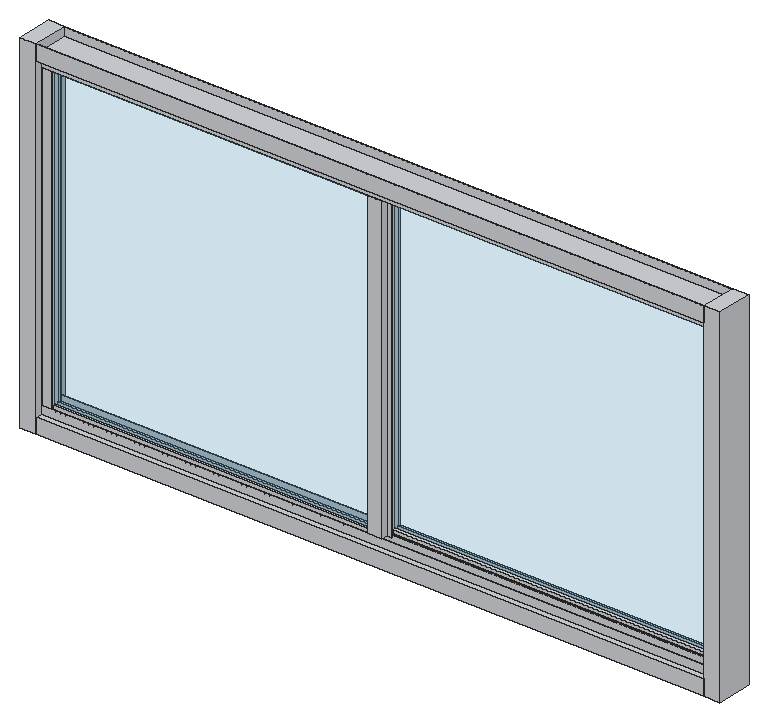
Revit family "MT-VMS_DB-SG_XX", category Windows, host Wall, Revit 2017 (continued)
Definition of nested family "VMS_DB-SG_OX_101mm"
  Definition of nested family "AS1C CAVITY MAIN FRAME"
    Lines and regions (mm)
      model lines, in view "Ref. Level"
        curve 28: arc (-44.4, -96.4, 0) -> (-44.322, -96.241, 0) -> (-44.148, -96.207, 0) r 0.2
        curve 29: arc (-42.7, -93.6, 0) -> (-41.95, -92.85, 0) -> (-41.2, -93.6, 0) r 0.75
        curve 30: arc (-41.2, -98.3, 0) -> (-40.761, -99.361, 0) -> (-39.7, -99.8, 0) r 1.5
        curve 31: arc (-3.8, -99.8, 0) -> (-2.739, -99.361, 0) -> (-2.3, -98.3, 0) r 1.5
        curve 32: arc (-2.3, -93.15, 0) -> (-2.417, -92.867, 0) -> (-2.7, -92.75, 0) r 0.4
        curve 33: arc (-6.1, -92.75, 0) -> (-6.949, -92.399, 0) -> (-7.3, -91.55, 0) r 1.2
        curve 34: arc (-7.3, -91.265, 0) -> (-6.765, -90.417, 0) -> (-5.769, -90.534, 0) r 0.94
        curve 35: arc (-5.769, -90.534, 0) -> (-5.414, -90.766, 0) -> (-5.019, -90.921, 0) r 2.1
        curve 36: arc (-5.019, -90.921, 0) -> (-4.902, -90.971, 0) -> (-4.801, -91.049, 0) r 0.5
        curve 37: arc (-4.099, -91.049, 0) -> (-3.998, -90.971, 0) -> (-3.881, -90.921, 0) r 0.5
        curve 38: arc (-3.881, -90.921, 0) -> (-3.4, -90.719, 0) -> (-2.984, -90.403, 0) r 2.1
        curve 39: arc (-2.984, -90.403, 0) -> (-2.882, -90.327, 0) -> (-2.764, -90.278, 0) r 0.5
        curve 40: arc (-2.413, -89.671, 0) -> (-2.43, -89.545, 0) -> (-2.415, -89.418, 0) r 0.5
        curve 41: arc (-2.415, -89.418, 0) -> (-2.35, -88.9, 0) -> (-2.415, -88.382, 0) r 2.1
        curve 42: arc (-2.415, -88.382, 0) -> (-2.43, -88.255, 0) -> (-2.413, -88.129, 0) r 0.5
        curve 43: arc (-2.764, -87.522, 0) -> (-2.882, -87.473, 0) -> (-2.984, -87.397, 0) r 0.5
        curve 44: arc (-2.984, -87.397, 0) -> (-3.4, -87.081, 0) -> (-3.881, -86.879, 0) r 2.1
        curve 45: arc (-3.881, -86.879, 0) -> (-3.998, -86.829, 0) -> (-4.099, -86.751, 0) r 0.5
        curve 46: arc (-4.801, -86.751, 0) -> (-4.902, -86.829, 0) -> (-5.019, -86.879, 0) r 0.5
        curve 47: arc (-5.019, -86.879, 0) -> (-5.414, -87.034, 0) -> (-5.769, -87.266, 0) r 2.1
        curve 48: arc (-5.769, -87.266, 0) -> (-6.765, -87.383, 0) -> (-7.3, -86.535, 0) r 0.94
        curve 49: arc (-7.3, -86.25, 0) -> (-6.949, -85.401, 0) -> (-6.1, -85.05, 0) r 1.2
        curve 50: arc (-2.5, -85.05, 0) -> (-2.217, -84.933, 0) -> (-2.1, -84.65, 0) r 0.4
        curve 51: arc (-2.1, -66.37, 0) -> (-2.451, -65.335, 0) -> (-3.36, -64.728, 0) r 1.7
        curve 52: arc (-19.936, -60.286, 0) -> (-20.631, -59.822, 0) -> (-20.9, -59.03, 0) r 1.3
        curve 53: arc (-20.9, -42.57, 0) -> (-20.631, -41.778, 0) -> (-19.936, -41.314, 0) r 1.3
        curve 54: arc (-3.36, -36.872, 0) -> (-2.451, -36.265, 0) -> (-2.1, -35.23, 0) r 1.7
        curve 55: arc (-2.1, -17.35, 0) -> (-2.334, -16.784, 0) -> (-2.9, -16.55, 0) r 0.8
        curve 56: arc (-6.1, -16.55, 0) -> (-6.949, -16.199, 0) -> (-7.3, -15.35, 0) r 1.2
        curve 57: arc (-7.3, -15.065, 0) -> (-6.765, -14.217, 0) -> (-5.769, -14.334, 0) r 0.94
        curve 58: arc (-5.769, -14.334, 0) -> (-5.414, -14.566, 0) -> (-5.019, -14.721, 0) r 2.1
        curve 59: arc (-5.019, -14.721, 0) -> (-4.902, -14.771, 0) -> (-4.801, -14.849, 0) r 0.5
        curve 60: arc (-4.099, -14.849, 0) -> (-3.998, -14.771, 0) -> (-3.881, -14.721, 0) r 0.5
        curve 61: arc (-3.881, -14.721, 0) -> (-3.4, -14.519, 0) -> (-2.984, -14.203, 0) r 2.1
        curve 62: arc (-2.984, -14.203, 0) -> (-2.882, -14.127, 0) -> (-2.764, -14.078, 0) r 0.5
        curve 63: arc (-2.413, -13.471, 0) -> (-2.43, -13.345, 0) -> (-2.415, -13.218, 0) r 0.5
        curve 64: arc (-2.415, -13.218, 0) -> (-2.35, -12.7, 0) -> (-2.415, -12.182, 0) r 2.1
        curve 65: arc (-2.415, -12.182, 0) -> (-2.43, -12.055, 0) -> (-2.413, -11.929, 0) r 0.5
        curve 66: line (-4.099, -10.551, 0) -> (-4.45, -10.2, 0)
        curve 67: line (-4.45, -10.2, 0) -> (-4.801, -10.551, 0)
        curve 68: line (-7.3, -10.335, 0) -> (-7.3, -10.05, 0)
        curve 69: line (-6.1, -8.85, 0) -> (-3.1, -8.85, 0)
        curve 70: line (-2.3, -8.05, 0) -> (-2.3, -3.3, 0)
        curve 71: line (-3.8, -1.8, 0) -> (-39.7, -1.8, 0)
        curve 72: line (-41.2, -3.3, 0) -> (-41.2, -8, 0)
        curve 73: line (-42.7, -8, 0) -> (-42.7, -5.005, 0)
        curve 74: line (-42.7, -5.005, 0) -> (-44.148, -5.393, 0)
        curve 75: line (-44.4, -5.2, 0) -> (-44.4, 0, 0)
        curve 76: line (-44.4, 0, 0) -> (0, 0, 0)
        curve 77: line (0, 0, 0) -> (0, -41.4, 0)
        curve 78: line (0, -41.4, 0) -> (-2.4, -41.4, 0)
        curve 79: line (-2.4, -41.4, 0) -> (-2.4, -42.975, 0)
        curve 80: line (-2.4, -42.975, 0) -> (-4.496, -43.536, 0)
        curve 81: line (-4.976, -43.013, 0) -> (-3.605, -39.246, 0)
        curve 82: line (-4.084, -38.723, 0) -> (-10.184, -40.357, 0)
        curve 83: line (-10.388, -40.75, 0) -> (-9.572, -42.992, 0)
        curve 84: line (-9.974, -43.528, 0) -> (-10.966, -43.462, 0)
        curve 85: line (-11.9, -42.464, 0) -> (-11.9, -41.208, 0)
        curve 86: line (-12.278, -40.918, 0) -> (-14.6, -41.541, 0)
        curve 87: line (-14.6, -41.541, 0) -> (-14.6, -43.704, 0)
        curve 88: line (-14.6, -43.704, 0) -> (-15.8, -44.396, 0)
        curve 89: line (-16.4, -44.05, 0) -> (-16.4, -42.023, 0)
        curve 90: line (-16.4, -42.023, 0) -> (-19.3, -42.8, 0)
        curve 91: line (-19.3, -42.8, 0) -> (-19.3, -50.043, 0)
        curve 92: line (-19.446, -50.396, 0) -> (-19.6, -50.55, 0)
        curve 93: line (-19.6, -50.55, 0) -> (-19.6, -51.05, 0)
        curve 94: line (-19.6, -51.05, 0) -> (-19.446, -51.204, 0)
        curve 95: line (-19.3, -51.557, 0) -> (-19.3, -58.8, 0)
        curve 96: line (-19.3, -58.8, 0) -> (-16.4, -59.577, 0)
        curve 97: line (-16.4, -59.577, 0) -> (-16.4, -57.55, 0)
        curve 98: line (-15.8, -57.204, 0) -> (-14.6, -57.896, 0)
        curve 99: line (-14.6, -57.896, 0) -> (-14.6, -60.059, 0)
        curve 100: line (-14.6, -60.059, 0) -> (-12.278, -60.682, 0)
        curve 101: line (-11.9, -60.392, 0) -> (-11.9, -59.136, 0)
        curve 102: line (-10.966, -58.138, 0) -> (-9.974, -58.072, 0)
        curve 103: line (-9.572, -58.608, 0) -> (-10.388, -60.85, 0)
        curve 104: line (-10.184, -61.243, 0) -> (-4.084, -62.877, 0)
        curve 105: line (-3.605, -62.354, 0) -> (-4.976, -58.587, 0)
        curve 106: line (-4.496, -58.064, 0) -> (-2.4, -58.625, 0)
        curve 107: line (-2.4, -58.625, 0) -> (-2.4, -60.2, 0)
        curve 108: line (-2.4, -60.2, 0) -> (0, -60.2, 0)
        curve 109: line (0, -60.2, 0) -> (0, -101.6, 0)
        curve 110: line (0, -101.6, 0) -> (-44.4, -101.6, 0)
        curve 111: line (-44.4, -101.6, 0) -> (-44.4, -96.4, 0)
        curve 112: line (-44.148, -96.207, 0) -> (-42.7, -96.595, 0)
        curve 113: line (-42.7, -96.595, 0) -> (-42.7, -93.6, 0)
        curve 114: line (-41.2, -93.6, 0) -> (-41.2, -98.3, 0)
        curve 115: line (-39.7, -99.8, 0) -> (-3.8, -99.8, 0)
        curve 116: line (-2.3, -98.3, 0) -> (-2.3, -93.15, 0)
        curve 117: line (-2.7, -92.75, 0) -> (-6.1, -92.75, 0)
        curve 118: line (-7.3, -91.55, 0) -> (-7.3, -91.265, 0)
        curve 119: line (-4.801, -91.049, 0) -> (-4.45, -91.4, 0)
        curve 120: line (-4.45, -91.4, 0) -> (-4.099, -91.049, 0)
        curve 121: line (-2.764, -90.278, 0) -> (-2.285, -90.15, 0)
        curve 122: line (-2.285, -90.15, 0) -> (-2.413, -89.671, 0)
        curve 123: line (-2.413, -88.129, 0) -> (-2.285, -87.65, 0)
        curve 124: line (-2.285, -87.65, 0) -> (-2.764, -87.522, 0)
        curve 125: line (-4.099, -86.751, 0) -> (-4.45, -86.4, 0)
        curve 126: line (-4.45, -86.4, 0) -> (-4.801, -86.751, 0)
        curve 127: line (-7.3, -86.535, 0) -> (-7.3, -86.25, 0)
        curve 128: line (-6.1, -85.05, 0) -> (-2.5, -85.05, 0)
        curve 129: line (-2.1, -84.65, 0) -> (-2.1, -80.4, 0)
        curve 130: line (-2.1, -80.4, 0) -> (-2.4, -80.4, 0)
        curve 131: line (-2.4, -80.4, 0) -> (-2.4, -67.3, 0)
        curve 132: line (-2.4, -67.3, 0) -> (-2.1, -67.3, 0)
        curve 133: line (-2.1, -67.3, 0) -> (-2.1, -66.37, 0)
        curve 134: line (-3.36, -64.728, 0) -> (-19.936, -60.286, 0)
        curve 135: line (-20.9, -59.03, 0) -> (-20.9, -50.8, 0)
        curve 136: line (-20.9, -50.8, 0) -> (-20.9, -42.57, 0)
        curve 137: line (-19.936, -41.314, 0) -> (-3.36, -36.872, 0)
        curve 138: line (-2.1, -35.23, 0) -> (-2.1, -34.3, 0)
        curve 139: line (-2.1, -34.3, 0) -> (-2.4, -34.3, 0)
        curve 140: line (-2.4, -34.3, 0) -> (-2.4, -21.2, 0)
        curve 141: line (-2.4, -21.2, 0) -> (-2.1, -21.2, 0)
        curve 142: line (-2.1, -21.2, 0) -> (-2.1, -17.35, 0)
        curve 143: line (-2.9, -16.55, 0) -> (-6.1, -16.55, 0)
        curve 144: line (-7.3, -15.35, 0) -> (-7.3, -15.065, 0)
        curve 145: line (-4.801, -14.849, 0) -> (-4.45, -15.2, 0)
        curve 146: line (-4.45, -15.2, 0) -> (-4.099, -14.849, 0)
        curve 147: line (-2.764, -14.078, 0) -> (-2.285, -13.95, 0)
        curve 148: line (-2.285, -13.95, 0) -> (-2.413, -13.471, 0)
        curve 149: line (-2.413, -11.929, 0) -> (-2.285, -11.45, 0)
        curve 150: line (-2.285, -11.45, 0) -> (-2.764, -11.322, 0)
        curve 151: arc (-2.764, -11.322, 0) -> (-2.882, -11.273, 0) -> (-2.984, -11.197, 0) r 0.5
  Definition of nested family "VMS_VM8_HEAD DETAIL_FINE"
    Reference planes
      plane 1 "Center (Front/Back)": y = 0
      plane 2: z = 0
      plane 3 "Center (Left/Right)": x = 0
    Lines and regions (mm)
      model lines, in view "Ref. Level"
        curve 1: arc (50, -27.1, 0) -> (49.414, -25.686, 0) -> (48, -25.1, 0) r 2
        curve 2: arc (3.8, -25.1, 0) -> (2.386, -25.686, 0) -> (1.8, -27.1, 0) r 2
        curve 3: arc (1.8, -41.8, 0) -> (2.034, -42.366, 0) -> (2.6, -42.6, 0) r 0.8
        curve 4: arc (8.71, -42.6, 0) -> (8.973, -42.444, 0) -> (8.963, -42.139, 0) r 0.3
        curve 5: arc (8.963, -42.139, 0) -> (8.438, -39.576, 0) -> (9.754, -37.315, 0) r 3.67
        curve 6: arc (9.754, -37.315, 0) -> (11.002, -37.382, 0) -> (11.067, -38.629, 0) r 0.934
        curve 7: arc (11.067, -38.629, 0) -> (10.819, -39.017, 0) -> (10.661, -39.448, 0) r 2.1
        curve 8: arc (10.661, -40.452, 0) -> (10.881, -41, 0) -> (11.246, -41.465, 0) r 2.1
        curve 9: arc (12.115, -41.967, 0) -> (12.7, -42.05, 0) -> (13.285, -41.967, 0) r 2.1
        curve 10: arc (14.154, -41.465, 0) -> (14.519, -41, 0) -> (14.739, -40.452, 0) r 2.1
        curve 11: arc (14.739, -39.448, 0) -> (14.581, -39.017, 0) -> (14.333, -38.629, 0) r 2.1
        curve 12: arc (14.333, -38.629, 0) -> (14.398, -37.382, 0) -> (15.646, -37.315, 0) r 0.934
        curve 13: arc (15.646, -37.315, 0) -> (16.962, -39.576, 0) -> (16.437, -42.139, 0) r 3.67
        curve 14: arc (16.437, -42.139, 0) -> (16.427, -42.444, 0) -> (16.69, -42.6, 0) r 0.3
        curve 15: arc (19.8, -42.6, 0) -> (20.012, -42.688, 0) -> (20.1, -42.9, 0) r 0.3
        curve 16: arc (20.1, -67.7, 0) -> (20.012, -67.912, 0) -> (19.8, -68, 0) r 0.3
        curve 17: arc (18.6, -68, 0) -> (18.388, -67.912, 0) -> (18.3, -67.7, 0) r 0.3
        curve 18: arc (0.5, -44.4, 0) -> (0.146, -44.254, 0) -> (0, -43.9, 0) r 0.5
        curve 19: arc (0, -0.5, 0) -> (0.146, -0.146, 0) -> (0.5, 0, 0) r 0.5
        curve 20: arc (5.2, 0, 0) -> (5.359, -0.078, 0) -> (5.393, -0.252, 0) r 0.2
        curve 21: arc (8, -1.7, 0) -> (8.75, -2.45, 0) -> (8, -3.2, 0) r 0.75
        curve 22: arc (2.6, -3.2, 0) -> (2.034, -3.434, 0) -> (1.8, -4, 0) r 0.8
        curve 23: arc (1.8, -23, 0) -> (1.888, -23.212, 0) -> (2.1, -23.3, 0) r 0.3
        curve 24: arc (49.241, -23.3, 0) -> (49.391, -23.26, 0) -> (49.501, -23.15, 0) r 0.3
        curve 25: arc (49.501, -23.15, 0) -> (49.761, -23, 0) -> (50.021, -23.15, 0) r 0.3
        curve 26: arc (50.021, -23.15, 0) -> (50.28, -23.3, 0) -> (50.54, -23.15, 0) r 0.3
        curve 27: arc (50.54, -23.15, 0) -> (50.8, -23, 0) -> (51.06, -23.15, 0) r 0.3
        curve 28: arc (51.06, -23.15, 0) -> (51.32, -23.3, 0) -> (51.579, -23.15, 0) r 0.3
        curve 29: arc (51.579, -23.15, 0) -> (51.839, -23, 0) -> (52.099, -23.15, 0) r 0.3
        curve 30: arc (52.099, -23.15, 0) -> (52.209, -23.26, 0) -> (52.359, -23.3, 0) r 0.3
        curve 31: arc (99.5, -23.3, 0) -> (99.712, -23.212, 0) -> (99.8, -23, 0) r 0.3
        curve 32: arc (99.8, -4, 0) -> (99.566, -3.434, 0) -> (99, -3.2, 0) r 0.8
        curve 33: arc (93.6, -3.2, 0) -> (92.85, -2.45, 0) -> (93.6, -1.7, 0) r 0.75
        curve 34: arc (96.207, -0.252, 0) -> (96.241, -0.078, 0) -> (96.4, 0, 0) r 0.2
        curve 35: arc (101.1, 0, 0) -> (101.454, -0.146, 0) -> (101.6, -0.5, 0) r 0.5
        curve 36: arc (101.6, -43.9, 0) -> (101.454, -44.254, 0) -> (101.1, -44.4, 0) r 0.5
        curve 37: arc (83.3, -67.7, 0) -> (83.212, -67.912, 0) -> (83, -68, 0) r 0.3
        curve 38: arc (81.8, -68, 0) -> (81.588, -67.912, 0) -> (81.5, -67.7, 0) r 0.3
        curve 39: arc (81.5, -42.9, 0) -> (81.588, -42.688, 0) -> (81.8, -42.6, 0) r 0.3
        curve 40: arc (84.91, -42.6, 0) -> (85.173, -42.444, 0) -> (85.163, -42.139, 0) r 0.3
        curve 41: arc (85.163, -42.139, 0) -> (84.638, -39.576, 0) -> (85.954, -37.315, 0) r 3.67
        curve 42: arc (85.954, -37.315, 0) -> (87.202, -37.382, 0) -> (87.267, -38.629, 0) r 0.934
        curve 43: arc (87.267, -38.629, 0) -> (87.019, -39.017, 0) -> (86.861, -39.448, 0) r 2.1
        curve 44: arc (86.861, -40.452, 0) -> (87.081, -41, 0) -> (87.446, -41.465, 0) r 2.1
        curve 45: arc (88.315, -41.967, 0) -> (88.9, -42.05, 0) -> (89.485, -41.967, 0) r 2.1
        curve 46: arc (90.354, -41.465, 0) -> (90.719, -41, 0) -> (90.939, -40.452, 0) r 2.1
        curve 47: arc (90.939, -39.448, 0) -> (90.781, -39.017, 0) -> (90.533, -38.629, 0) r 2.1
        curve 48: arc (90.533, -38.629, 0) -> (90.598, -37.382, 0) -> (91.846, -37.315, 0) r 0.934
        curve 49: arc (91.846, -37.315, 0) -> (93.162, -39.576, 0) -> (92.637, -42.139, 0) r 3.67
        curve 50: arc (92.637, -42.139, 0) -> (92.627, -42.444, 0) -> (92.89, -42.6, 0) r 0.3
        curve 51: arc (99, -42.6, 0) -> (99.566, -42.366, 0) -> (99.8, -41.8, 0) r 0.8
        curve 52: arc (99.8, -27.1, 0) -> (99.214, -25.686, 0) -> (97.8, -25.1, 0) r 2
        curve 53: arc (53.6, -25.1, 0) -> (52.186, -25.686, 0) -> (51.6, -27.1, 0) r 2
        curve 54: arc (51.6, -67.7, 0) -> (51.512, -67.912, 0) -> (51.3, -68, 0) r 0.3
        curve 55: line (50, -67.7, 0) -> (50, -27.1, 0)
        curve 56: line (48, -25.1, 0) -> (3.8, -25.1, 0)
        curve 57: line (1.8, -27.1, 0) -> (1.8, -41.8, 0)
        curve 58: line (2.6, -42.6, 0) -> (8.71, -42.6, 0)
        curve 59: line (10.608, -39.542, 0) -> (10.2, -39.95, 0)
        curve 60: line (10.2, -39.95, 0) -> (10.608, -40.358, 0)
        curve 61: line (11.301, -41.558, 0) -> (11.45, -42.115, 0)
        curve 62: line (11.45, -42.115, 0) -> (12.007, -41.966, 0)
        curve 63: line (13.393, -41.966, 0) -> (13.95, -42.115, 0)
        curve 64: line (13.95, -42.115, 0) -> (14.099, -41.558, 0)
        curve 65: line (14.792, -40.358, 0) -> (15.2, -39.95, 0)
        curve 66: line (15.2, -39.95, 0) -> (14.792, -39.542, 0)
        curve 67: line (16.69, -42.6, 0) -> (19.8, -42.6, 0)
        curve 68: line (20.1, -42.9, 0) -> (20.1, -67.7, 0)
        curve 69: line (19.8, -68, 0) -> (18.6, -68, 0)
        curve 70: line (18.3, -67.7, 0) -> (18.3, -44.4, 0)
        curve 71: line (18.3, -44.4, 0) -> (0.5, -44.4, 0)
        curve 72: line (0, -43.9, 0) -> (0, -0.5, 0)
        curve 73: line (0.5, 0, 0) -> (5.2, 0, 0)
        curve 74: line (5.393, -0.252, 0) -> (5.005, -1.7, 0)
        curve 75: line (5.005, -1.7, 0) -> (8, -1.7, 0)
        curve 76: line (8, -3.2, 0) -> (2.6, -3.2, 0)
        curve 77: line (1.8, -4, 0) -> (1.8, -23, 0)
        curve 78: line (2.1, -23.3, 0) -> (49.241, -23.3, 0)
        curve 79: line (52.359, -23.3, 0) -> (99.5, -23.3, 0)
        curve 80: line (99.8, -23, 0) -> (99.8, -4, 0)
        curve 81: line (99, -3.2, 0) -> (93.6, -3.2, 0)
        curve 82: line (93.6, -1.7, 0) -> (96.595, -1.7, 0)
        curve 83: line (96.595, -1.7, 0) -> (96.207, -0.252, 0)
        curve 84: line (96.4, 0, 0) -> (101.1, 0, 0)
        curve 85: line (101.6, -0.5, 0) -> (101.6, -43.9, 0)
        curve 86: line (101.1, -44.4, 0) -> (83.3, -44.4, 0)
        curve 87: line (83.3, -44.4, 0) -> (83.3, -67.7, 0)
        curve 88: line (83, -68, 0) -> (81.8, -68, 0)
        curve 89: line (81.5, -67.7, 0) -> (81.5, -42.9, 0)
        curve 90: line (81.8, -42.6, 0) -> (84.91, -42.6, 0)
        curve 91: line (86.808, -39.542, 0) -> (86.4, -39.95, 0)
        curve 92: line (86.4, -39.95, 0) -> (86.808, -40.358, 0)
        curve 93: line (87.501, -41.558, 0) -> (87.65, -42.115, 0)
        curve 94: line (87.65, -42.115, 0) -> (88.207, -41.966, 0)
        curve 95: line (89.593, -41.966, 0) -> (90.15, -42.115, 0)
        curve 96: line (90.15, -42.115, 0) -> (90.299, -41.558, 0)
        curve 97: line (90.992, -40.358, 0) -> (91.4, -39.95, 0)
        curve 98: line (91.4, -39.95, 0) -> (90.992, -39.542, 0)
        curve 99: line (92.89, -42.6, 0) -> (99, -42.6, 0)
        curve 100: line (99.8, -41.8, 0) -> (99.8, -27.1, 0)
        curve 101: line (97.8, -25.1, 0) -> (53.6, -25.1, 0)
        curve 102: line (51.6, -27.1, 0) -> (51.6, -67.7, 0)
        curve 103: line (51.3, -68, 0) -> (50.3, -68, 0)
        curve 104: arc (50.3, -68, 0) -> (50.088, -67.912, 0) -> (50, -67.7, 0) r 0.3
  Definition of nested family "VMS_VM10_BOT DETAIL_FINE"
    Reference planes
      plane 1 "Center (Front/Back)": y = 0
      plane 2: z = 0
      plane 3 "Center (Left/Right)": x = 0
    Lines and regions (mm)
      model lines, in view "Ref. Level"
        curve 1: arc (84.669, 36.544, 0) -> (84.729, 36.675, 0) -> (84.75, 36.817, 0) r 0.5
        curve 2: arc (84.75, 42.2, 0) -> (84.662, 42.412, 0) -> (84.45, 42.5, 0) r 0.3
        curve 3: arc (83.13, 42.5, 0) -> (82.918, 42.412, 0) -> (82.83, 42.2, 0) r 0.3
        curve 4: arc (82.83, 41.74, 0) -> (82.391, 40.679, 0) -> (81.33, 40.24, 0) r 1.5
        curve 5: arc (70.15, 40.24, 0) -> (69.089, 40.679, 0) -> (68.65, 41.74, 0) r 1.5
        curve 6: arc (68.65, 41.97, 0) -> (68.562, 42.182, 0) -> (68.35, 42.27, 0) r 0.3
        curve 7: arc (64.15, 42.27, 0) -> (63.938, 42.182, 0) -> (63.85, 41.97, 0) r 0.3
        curve 8: arc (63.85, 41.74, 0) -> (63.411, 40.679, 0) -> (62.35, 40.24, 0) r 1.5
        curve 9: arc (38.65, 40.24, 0) -> (37.589, 40.679, 0) -> (37.15, 41.74, 0) r 1.5
        curve 10: arc (37.15, 41.97, 0) -> (37.062, 42.182, 0) -> (36.85, 42.27, 0) r 0.3
        curve 11: arc (32.65, 42.27, 0) -> (32.438, 42.182, 0) -> (32.35, 41.97, 0) r 0.3
        curve 12: arc (32.35, 41.74, 0) -> (31.911, 40.679, 0) -> (30.85, 40.24, 0) r 1.5
        curve 13: arc (19.67, 40.24, 0) -> (18.609, 40.679, 0) -> (18.17, 41.74, 0) r 1.5
        curve 14: arc (18.17, 42.2, 0) -> (18.082, 42.412, 0) -> (17.87, 42.5, 0) r 0.3
        curve 15: arc (16.55, 42.5, 0) -> (16.338, 42.412, 0) -> (16.25, 42.2, 0) r 0.3
        curve 16: arc (16.25, 38, 0) -> (15.899, 37.151, 0) -> (15.05, 36.8, 0) r 1.2
        curve 17: arc (14.765, 36.8, 0) -> (13.917, 37.335, 0) -> (14.034, 38.331, 0) r 0.94
        curve 18: arc (14.034, 38.331, 0) -> (14.266, 38.686, 0) -> (14.421, 39.081, 0) r 2.1
        curve 19: arc (14.421, 39.081, 0) -> (14.471, 39.198, 0) -> (14.549, 39.299, 0) r 0.5
        curve 20: arc (14.549, 40.001, 0) -> (14.471, 40.102, 0) -> (14.421, 40.219, 0) r 0.5
        curve 21: arc (14.421, 40.219, 0) -> (14.219, 40.7, 0) -> (13.903, 41.116, 0) r 2.1
        curve 22: arc (13.903, 41.116, 0) -> (13.827, 41.218, 0) -> (13.778, 41.336, 0) r 0.5
        curve 23: arc (13.171, 41.687, 0) -> (13.045, 41.67, 0) -> (12.918, 41.685, 0) r 0.5
        curve 24: arc (12.918, 41.685, 0) -> (12.4, 41.75, 0) -> (11.882, 41.685, 0) r 2.1
        curve 25: arc (11.882, 41.685, 0) -> (11.755, 41.67, 0) -> (11.629, 41.687, 0) r 0.5
        curve 26: arc (11.022, 41.336, 0) -> (10.973, 41.218, 0) -> (10.897, 41.116, 0) r 0.5
        curve 27: arc (10.897, 41.116, 0) -> (10.581, 40.7, 0) -> (10.379, 40.219, 0) r 2.1
        curve 28: arc (10.379, 40.219, 0) -> (10.329, 40.102, 0) -> (10.251, 40.001, 0) r 0.5
        curve 29: arc (10.251, 39.299, 0) -> (10.329, 39.198, 0) -> (10.379, 39.081, 0) r 0.5
        curve 30: arc (10.379, 39.081, 0) -> (10.534, 38.686, 0) -> (10.766, 38.331, 0) r 2.1
        curve 31: arc (10.766, 38.331, 0) -> (10.883, 37.335, 0) -> (10.035, 36.8, 0) r 0.94
        curve 32: arc (9.75, 36.8, 0) -> (8.901, 37.151, 0) -> (8.55, 38, 0) r 1.2
        curve 33: arc (8.55, 41.7, 0) -> (8.316, 42.266, 0) -> (7.75, 42.5, 0) r 0.8
        curve 34: arc (1.8, 42.5, 0) -> (1.446, 42.354, 0) -> (1.3, 42, 0) r 0.5
        curve 35: arc (1.3, 22.335, 0) -> (1.535, 21.911, 0) -> (2.019, 21.885, 0) r 0.5
        curve 36: arc (2.019, 21.885, 0) -> (5.322, 21.516, 0) -> (6.393, 18.369, 0) r 3.1
        curve 37: arc (6.393, 18.369, 0) -> (6.393, 18.133, 0) -> (6.502, 17.923, 0) r 0.5
        curve 38: arc (6.502, 17.923, 0) -> (6.849, 17.341, 0) -> (6.97, 16.674, 0) r 1.9
        curve 39: arc (6.97, 8.83, 0) -> (7.116, 8.476, 0) -> (7.47, 8.33, 0) r 0.5
        curve 40: arc (21.11, 8.33, 0) -> (21.292, 8.392, 0) -> (21.4, 8.552, 0) r 0.3
        curve 41: arc (25.348, 23.288, 0) -> (25.884, 24.09, 0) -> (26.797, 24.4, 0) r 1.5
        curve 42: arc (76.492, 24.4, 0) -> (76.731, 24.46, 0) -> (76.911, 24.627, 0) r 0.5
        curve 43: arc (95.907, -0.048, 0) -> (95.941, -0.222, 0) -> (96.1, -0.3, 0) r 0.2
        curve 44: arc (101, -0.3, 0) -> (101.212, -0.212, 0) -> (101.3, 0, 0) r 0.3
        curve 45: arc (101.3, 43.6, 0) -> (101.154, 43.954, 0) -> (100.8, 44.1, 0) r 0.5
        curve 46: arc (83.3, 44.1, 0) -> (82.946, 44.246, 0) -> (82.8, 44.6, 0) r 0.5
        curve 47: arc (82.8, 66.2, 0) -> (82.654, 66.554, 0) -> (82.3, 66.7, 0) r 0.5
        curve 48: arc (81.5, 66.7, 0) -> (81.288, 66.612, 0) -> (81.2, 66.4, 0) r 0.3
        curve 49: arc (81.2, 42.14, 0) -> (81.112, 41.928, 0) -> (80.9, 41.84, 0) r 0.3
        curve 50: arc (70.55, 41.84, 0) -> (70.338, 41.928, 0) -> (70.25, 42.14, 0) r 0.3
        curve 51: arc (70.25, 42.827, 0) -> (70.139, 43.142, 0) -> (69.854, 43.317, 0) r 0.5
        curve 52: arc (62.646, 43.317, 0) -> (62.361, 43.142, 0) -> (62.25, 42.827, 0) r 0.5
        curve 53: arc (62.25, 42.14, 0) -> (62.162, 41.928, 0) -> (61.95, 41.84, 0) r 0.3
        curve 54: arc (51.6, 41.84, 0) -> (51.388, 41.928, 0) -> (51.3, 42.14, 0) r 0.3
        curve 55: arc (51.3, 66.4, 0) -> (51.212, 66.612, 0) -> (51, 66.7, 0) r 0.3
        curve 56: arc (50, 66.7, 0) -> (49.788, 66.612, 0) -> (49.7, 66.4, 0) r 0.3
        curve 57: arc (49.7, 42.14, 0) -> (49.612, 41.928, 0) -> (49.4, 41.84, 0) r 0.3
        curve 58: arc (39.05, 41.84, 0) -> (38.838, 41.928, 0) -> (38.75, 42.14, 0) r 0.3
        curve 59: arc (38.75, 42.827, 0) -> (38.639, 43.142, 0) -> (38.354, 43.317, 0) r 0.5
        curve 60: arc (31.146, 43.317, 0) -> (30.861, 43.142, 0) -> (30.75, 42.827, 0) r 0.5
        curve 61: arc (30.75, 42.14, 0) -> (30.662, 41.928, 0) -> (30.45, 41.84, 0) r 0.3
        curve 62: arc (20.1, 41.84, 0) -> (19.888, 41.928, 0) -> (19.8, 42.14, 0) r 0.3
        curve 63: arc (19.8, 66.4, 0) -> (19.712, 66.612, 0) -> (19.5, 66.7, 0) r 0.3
        curve 64: arc (18.7, 66.7, 0) -> (18.346, 66.554, 0) -> (18.2, 66.2, 0) r 0.5
        curve 65: arc (18.2, 44.6, 0) -> (18.054, 44.246, 0) -> (17.7, 44.1, 0) r 0.5
        curve 66: arc (0.2, 44.1, 0) -> (-0.154, 43.954, 0) -> (-0.3, 43.6, 0) r 0.5
        curve 67: arc (-0.297, 18.697, 0) -> (0.145, 17.357, 0) -> (1.08, 16.3, 0) r 3.5
        curve 68: arc (1.58, 16.3, 0) -> (2.146, 16.534, 0) -> (2.38, 17.1, 0) r 0.8
        curve 69: arc (2.38, 17.982, 0) -> (3.38, 20.6, 0) -> (4.38, 17.982, 0) r 1.5
        curve 70: arc (4.38, 17.13, 0) -> (4.555, 16.858, 0) -> (4.875, 16.902, 0) r 0.3
        curve 71: arc (4.875, 16.902, 0) -> (5.195, 16.947, 0) -> (5.37, 16.674, 0) r 0.3
        curve 72: arc (5.07, 8.85, 0) -> (4.57, 8.35, 0) -> (5.07, 7.85, 0) r 0.5
        curve 73: arc (5.187, 7.85, 0) -> (5.372, 7.727, 0) -> (5.329, 7.509, 0) r 0.2
        curve 74: arc (-0.154, 2.026, 0) -> (-0.262, 1.864, 0) -> (-0.3, 1.673, 0) r 0.5
        curve 75: arc (-0.3, 0, 0) -> (-0.212, -0.212, 0) -> (0, -0.3, 0) r 0.3
        curve 76: arc (4.9, -0.3, 0) -> (5.059, -0.222, 0) -> (5.093, -0.048, 0) r 0.2
        curve 77: arc (7.7, 1.4, 0) -> (8.45, 2.15, 0) -> (7.7, 2.9, 0) r 0.75
        curve 78: arc (3.707, 2.9, 0) -> (3.43, 3.085, 0) -> (3.495, 3.412, 0) r 0.3
        curve 79: arc (6.725, 6.642, 0) -> (6.822, 6.707, 0) -> (6.937, 6.73, 0) r 0.3
        curve 80: arc (21.417, 6.73, 0) -> (22.33, 7.04, 0) -> (22.866, 7.842, 0) r 1.5
        curve 81: arc (26.814, 22.578, 0) -> (26.921, 22.738, 0) -> (27.104, 22.8, 0) r 0.3
        curve 82: arc (76.818, 22.8, 0) -> (77.533, 22.981, 0) -> (78.075, 23.482, 0) r 1.5
        curve 83: arc (87.023, 37.227, 0) -> (87.174, 37.788, 0) -> (86.966, 38.331, 0) r 0.94
        curve 84: arc (86.966, 38.331, 0) -> (86.734, 38.686, 0) -> (86.579, 39.081, 0) r 2.1
        curve 85: arc (86.579, 39.081, 0) -> (86.529, 39.198, 0) -> (86.451, 39.299, 0) r 0.5
        curve 86: arc (86.451, 40.001, 0) -> (86.529, 40.102, 0) -> (86.579, 40.219, 0) r 0.5
        curve 87: arc (86.579, 40.219, 0) -> (86.781, 40.7, 0) -> (87.097, 41.116, 0) r 2.1
        curve 88: arc (87.097, 41.116, 0) -> (87.173, 41.218, 0) -> (87.222, 41.336, 0) r 0.5
        curve 89: arc (87.829, 41.687, 0) -> (87.955, 41.67, 0) -> (88.082, 41.685, 0) r 0.5
        curve 90: arc (88.082, 41.685, 0) -> (88.6, 41.75, 0) -> (89.118, 41.685, 0) r 2.1
        curve 91: arc (89.118, 41.685, 0) -> (89.245, 41.67, 0) -> (89.371, 41.687, 0) r 0.5
        curve 92: arc (89.978, 41.336, 0) -> (90.027, 41.218, 0) -> (90.103, 41.116, 0) r 0.5
        curve 93: arc (90.103, 41.116, 0) -> (90.419, 40.7, 0) -> (90.621, 40.219, 0) r 2.1
        curve 94: arc (90.621, 40.219, 0) -> (90.671, 40.102, 0) -> (90.749, 40.001, 0) r 0.5
        curve 95: arc (90.749, 39.299, 0) -> (90.671, 39.198, 0) -> (90.621, 39.081, 0) r 0.5
        curve 96: arc (90.621, 39.081, 0) -> (90.466, 38.686, 0) -> (90.234, 38.331, 0) r 2.1
        curve 97: arc (90.234, 38.331, 0) -> (90.117, 37.335, 0) -> (90.965, 36.8, 0) r 0.94
        curve 98: arc (91.25, 36.8, 0) -> (92.099, 37.151, 0) -> (92.45, 38, 0) r 1.2
        curve 99: arc (92.45, 41.7, 0) -> (92.684, 42.266, 0) -> (93.25, 42.5, 0) r 0.8
        curve 100: arc (98.2, 42.5, 0) -> (99.261, 42.061, 0) -> (99.7, 41, 0) r 1.5
        curve 101: arc (99.7, 1.8, 0) -> (99.554, 1.446, 0) -> (99.2, 1.3, 0) r 0.5
        curve 102: arc (98.358, 1.3, 0) -> (98.042, 1.413, 0) -> (97.868, 1.7, 0) r 0.5
        curve 103: arc (97.868, 1.7, 0) -> (97.347, 2.562, 0) -> (96.398, 2.9, 0) r 1.5
        curve 104: arc (93.3, 2.9, 0) -> (92.55, 2.15, 0) -> (93.3, 1.4, 0) r 0.75
        curve 105: line (84.75, 36.817, 0) -> (84.75, 42.2, 0)
        curve 106: line (84.45, 42.5, 0) -> (83.13, 42.5, 0)
        curve 107: line (82.83, 42.2, 0) -> (82.83, 41.74, 0)
        curve 108: line (81.33, 40.24, 0) -> (70.15, 40.24, 0)
        curve 109: line (68.65, 41.74, 0) -> (68.65, 41.97, 0)
        curve 110: line (68.35, 42.27, 0) -> (64.15, 42.27, 0)
        curve 111: line (63.85, 41.97, 0) -> (63.85, 41.74, 0)
        curve 112: line (62.35, 40.24, 0) -> (38.65, 40.24, 0)
        curve 113: line (37.15, 41.74, 0) -> (37.15, 41.97, 0)
        curve 114: line (36.85, 42.27, 0) -> (32.65, 42.27, 0)
        curve 115: line (32.35, 41.97, 0) -> (32.35, 41.74, 0)
        curve 116: line (30.85, 40.24, 0) -> (19.67, 40.24, 0)
        curve 117: line (18.17, 41.74, 0) -> (18.17, 42.2, 0)
        curve 118: line (17.87, 42.5, 0) -> (16.55, 42.5, 0)
        curve 119: line (16.25, 42.2, 0) -> (16.25, 38, 0)
        curve 120: line (15.05, 36.8, 0) -> (14.765, 36.8, 0)
        curve 121: line (14.549, 39.299, 0) -> (14.9, 39.65, 0)
        curve 122: line (14.9, 39.65, 0) -> (14.549, 40.001, 0)
        curve 123: line (13.778, 41.336, 0) -> (13.65, 41.815, 0)
        curve 124: line (13.65, 41.815, 0) -> (13.171, 41.687, 0)
        curve 125: line (11.629, 41.687, 0) -> (11.15, 41.815, 0)
        curve 126: line (11.15, 41.815, 0) -> (11.022, 41.336, 0)
        curve 127: line (10.251, 40.001, 0) -> (9.9, 39.65, 0)
        curve 128: line (9.9, 39.65, 0) -> (10.251, 39.299, 0)
        curve 129: line (10.035, 36.8, 0) -> (9.75, 36.8, 0)
        curve 130: line (8.55, 38, 0) -> (8.55, 41.7, 0)
        curve 131: line (7.75, 42.5, 0) -> (1.8, 42.5, 0)
        curve 132: line (1.3, 42, 0) -> (1.3, 22.335, 0)
        curve 133: line (6.97, 16.674, 0) -> (6.97, 8.83, 0)
        curve 134: line (7.47, 8.33, 0) -> (21.11, 8.33, 0)
        curve 135: line (21.4, 8.552, 0) -> (25.348, 23.288, 0)
        curve 136: line (26.797, 24.4, 0) -> (76.492, 24.4, 0)
        curve 137: line (76.911, 24.627, 0) -> (84.669, 36.544, 0)
        curve 138: line (96.1, -0.3, 0) -> (101, -0.3, 0)
        curve 139: line (101.3, 0, 0) -> (101.3, 43.6, 0)
        curve 140: line (100.8, 44.1, 0) -> (83.3, 44.1, 0)
        curve 141: line (82.8, 44.6, 0) -> (82.8, 66.2, 0)
        curve 142: line (82.3, 66.7, 0) -> (81.5, 66.7, 0)
        curve 143: line (81.2, 66.4, 0) -> (81.2, 42.14, 0)
        curve 144: line (80.9, 41.84, 0) -> (70.55, 41.84, 0)
        curve 145: line (70.25, 42.14, 0) -> (70.25, 42.827, 0)
        curve 146: line (69.854, 43.317, 0) -> (67.25, 43.87, 0)
        curve 147: line (67.25, 43.87, 0) -> (65.25, 43.87, 0)
        curve 148: line (65.25, 43.87, 0) -> (62.646, 43.317, 0)
        curve 149: line (62.25, 42.827, 0) -> (62.25, 42.14, 0)
        curve 150: line (61.95, 41.84, 0) -> (51.6, 41.84, 0)
        curve 151: line (51.3, 42.14, 0) -> (51.3, 66.4, 0)
        curve 152: line (51, 66.7, 0) -> (50, 66.7, 0)
        curve 153: line (49.7, 66.4, 0) -> (49.7, 42.14, 0)
        curve 154: line (49.4, 41.84, 0) -> (39.05, 41.84, 0)
        curve 155: line (38.75, 42.14, 0) -> (38.75, 42.827, 0)
        curve 156: line (38.354, 43.317, 0) -> (35.75, 43.87, 0)
        curve 157: line (35.75, 43.87, 0) -> (33.75, 43.87, 0)
        curve 158: line (33.75, 43.87, 0) -> (31.146, 43.317, 0)
        curve 159: line (30.75, 42.827, 0) -> (30.75, 42.14, 0)
        curve 160: line (30.45, 41.84, 0) -> (20.1, 41.84, 0)
        curve 161: line (19.8, 42.14, 0) -> (19.8, 66.4, 0)
        curve 162: line (19.5, 66.7, 0) -> (18.7, 66.7, 0)
        curve 163: line (18.2, 66.2, 0) -> (18.2, 44.6, 0)
        curve 164: line (17.7, 44.1, 0) -> (0.2, 44.1, 0)
        curve 165: line (-0.3, 43.6, 0) -> (-0.3, 18.754, 0)
        curve 166: line (1.08, 16.3, 0) -> (1.58, 16.3, 0)
        curve 167: line (2.38, 17.1, 0) -> (2.38, 17.982, 0)
        curve 168: line (4.38, 17.982, 0) -> (4.38, 17.13, 0)
        curve 169: line (5.37, 16.674, 0) -> (5.37, 12.4, 0)
        curve 170: line (5.37, 12.4, 0) -> (5.67, 12.1, 0)
        curve 171: line (5.67, 12.1, 0) -> (5.67, 11.6, 0)
        curve 172: line (5.67, 11.6, 0) -> (5.37, 11.3, 0)
        curve 173: line (5.37, 11.3, 0) -> (5.37, 8.85, 0)
        curve 174: line (5.37, 8.85, 0) -> (5.07, 8.85, 0)
        curve 175: line (5.329, 7.509, 0) -> (-0.154, 2.026, 0)
        curve 176: line (-0.3, 1.673, 0) -> (-0.3, 0, 0)
        curve 177: line (0, -0.3, 0) -> (4.9, -0.3, 0)
        curve 178: line (5.093, -0.048, 0) -> (4.705, 1.4, 0)
        curve 179: line (4.705, 1.4, 0) -> (7.7, 1.4, 0)
        curve 180: line (7.7, 2.9, 0) -> (3.707, 2.9, 0)
        curve 181: line (3.495, 3.412, 0) -> (6.725, 6.642, 0)
        curve 182: line (6.937, 6.73, 0) -> (21.417, 6.73, 0)
        curve 183: line (22.866, 7.842, 0) -> (26.814, 22.578, 0)
        curve 184: line (27.104, 22.8, 0) -> (76.818, 22.8, 0)
        curve 185: line (78.075, 23.482, 0) -> (87.023, 37.227, 0)
        curve 186: line (86.451, 39.299, 0) -> (86.1, 39.65, 0)
        curve 187: line (86.1, 39.65, 0) -> (86.451, 40.001, 0)
        curve 188: line (87.222, 41.336, 0) -> (87.35, 41.815, 0)
        curve 189: line (87.35, 41.815, 0) -> (87.829, 41.687, 0)
        curve 190: line (89.371, 41.687, 0) -> (89.85, 41.815, 0)
        curve 191: line (89.85, 41.815, 0) -> (89.978, 41.336, 0)
        curve 192: line (90.749, 40.001, 0) -> (91.1, 39.65, 0)
        curve 193: line (91.1, 39.65, 0) -> (90.749, 39.299, 0)
        curve 194: line (90.965, 36.8, 0) -> (91.25, 36.8, 0)
        curve 195: line (92.45, 38, 0) -> (92.45, 41.7, 0)
        curve 196: line (93.25, 42.5, 0) -> (98.2, 42.5, 0)
        curve 197: line (99.7, 41, 0) -> (99.7, 1.8, 0)
        curve 198: line (99.2, 1.3, 0) -> (98.358, 1.3, 0)
        curve 199: line (96.398, 2.9, 0) -> (93.3, 2.9, 0)
        curve 200: line (93.3, 1.4, 0) -> (96.295, 1.4, 0)
        curve 201: line (96.295, 1.4, 0) -> (95.907, -0.048, 0)
  Definition of nested family "VMS_VM8_HEAD DETAIL_MEDIUM"
    Reference planes
      plane 1 "Center (Front/Back)": y = 0
      plane 2: z = 0
      plane 3 "Center (Left/Right)": x = 0
    Lines and regions (mm)
      detail lines, in view "Ref. Level"
        curve 1: line (0, 0, 0) -> (0, -44, 0)
        curve 2: line (1.5, -23.5, 0) -> (99.8, -23.5, 0)
        curve 3: line (99.8, -23.5, 0) -> (99.8, 0, 0)
        curve 4: line (0, 0, 0) -> (1.5, 0, 0)
        curve 5: line (101.6, 0, 0) -> (101.6, -44, 0)
        curve 6: line (101.6, -44, 0) -> (83, -44, 0)
        curve 7: line (83, -44, 0) -> (83, -68, 0)
        curve 8: line (81.2, -68, 0) -> (81.2, -42.2, 0)
        curve 9: line (81.2, -42.2, 0) -> (99.8, -42.2, 0)
        curve 10: line (99.8, -42.2, 0) -> (99.8, -25.1, 0)
        curve 11: line (99.8, -25.1, 0) -> (51.3, -25.1, 0)
        curve 12: line (51.3, -25.1, 0) -> (51.3, -68, 0)
        curve 13: line (83, -68, 0) -> (81.2, -68, 0)
        curve 14: line (49.7, -68, 0) -> (49.7, -25.1, 0)
        curve 15: line (1.8, -25.1, 0) -> (1.8, -42.2, 0)
        curve 16: line (1.8, -42.2, 0) -> (19.8, -42.2, 0)
        curve 17: line (19.8, -42.2, 0) -> (19.8, -68, 0)
        curve 18: line (19.8, -68, 0) -> (18, -68, 0)
        curve 19: line (18, -68, 0) -> (18, -44, 0)
        curve 20: line (18, -44, 0) -> (0, -44, 0)
        curve 21: line (1.5, 0, 0) -> (1.5, -23.5, 0)
        curve 22: line (99.8, 0, 0) -> (101.6, 0, 0)
        curve 23: line (51.3, -68, 0) -> (49.7, -68, 0)
        curve 24: line (49.7, -25.1, 0) -> (1.8, -25.1, 0)
  Definition of nested family "VMS_VM10_BOT DETAIL_MEDIUM"
    Reference planes
      plane 1 "Center (Front/Back)": y = 0
      plane 2: z = 0
      plane 3 "Center (Left/Right)": x = 0
    Lines and regions (mm)
      detail lines, in view "Ref. Level"
        curve 1: line (100, 42.4, 0) -> (100, 19.696, 0)
        curve 2: line (100, 19.696, 0) -> (36.6, 19.696, 0)
        curve 3: line (36.6, 19.696, 0) -> (36.6, 15.948, 0)
        curve 4: line (36.6, 15.948, 0) -> (1.5, 15.948, 0)
        curve 5: line (1.5, 42.4, 0) -> (100, 42.4, 0)
        curve 6: line (1.5, 14.448, 0) -> (38, 14.448, 0)
        curve 7: line (38, 14.448, 0) -> (38, 18.196, 0)
        curve 8: line (38, 18.196, 0) -> (100, 18.196, 0)
        curve 9: line (101.6, 0, 0) -> (101.6, 44, 0)
        curve 10: line (83.4, 44, 0) -> (83.4, 67, 0)
        curve 11: line (83.4, 67, 0) -> (81.4, 67, 0)
        curve 12: line (81.4, 67, 0) -> (81.4, 44, 0)
        curve 13: line (101.6, 44, 0) -> (83.4, 44, 0)
        curve 14: line (51.5, 44, 0) -> (51.5, 67, 0)
        curve 15: line (51.5, 67, 0) -> (49.9, 67, 0)
        curve 16: line (49.9, 67, 0) -> (49.9, 44, 0)
        curve 17: line (49.9, 44, 0) -> (20, 44, 0)
        curve 18: line (20, 44, 0) -> (20, 67, 0)
        curve 19: line (20, 67, 0) -> (18, 67, 0)
        curve 20: line (18, 67, 0) -> (18, 44, 0)
        curve 21: line (0, 44, 0) -> (0, 0, 0)
        curve 22: line (0, 0, 0) -> (1.5, 0, 0)
        curve 23: line (1.5, 0, 0) -> (1.5, 14.448, 0)
        curve 24: line (1.5, 15.948, 0) -> (1.5, 42.4, 0)
        curve 25: line (101.6, 0, 0) -> (100, 0, 0)
        curve 26: line (100, 18.196, 0) -> (100, 0, 0)
        curve 27: line (18, 44, 0) -> (0, 44, 0)
        curve 28: line (81.4, 44, 0) -> (51.5, 44, 0)
Definition of nested family "WARNING TAG"
  Parameters (values of type "WARNING TAG")
    MAX.WIDTH [instance] = 0 mm
    MAX.HEIGHT = 1190 mm
  Reference planes
    plane 1: y = 0
    plane 2: x = 0
  Lines and regions (mm)
    detail lines
      curve 1: line (-31.904, 7.728, 0) -> (32.158, 7.728, 0)
      curve 2: line (-31.904, -1.959, 0) -> (-31.904, 7.728, 0)
      curve 3: line (32.158, -1.959, 0) -> (-31.904, -1.959, 0)
      curve 4: line (32.158, 7.728, 0) -> (32.158, -1.959, 0)
  Text (mm)
    label "Max.Width: 1200" at (-3.208, 1.264, 0), shows "MAX.WIDTH"
    label "Max.Height: 1190" at (3.026, 1.264, 0), shows "MAX.HEIGHT"
    text "x" at (0.137, 2.449, 0)
    text "Manufacture Maximum Recommended Panel Sizes:" at (0.137, 5.914, 0)
